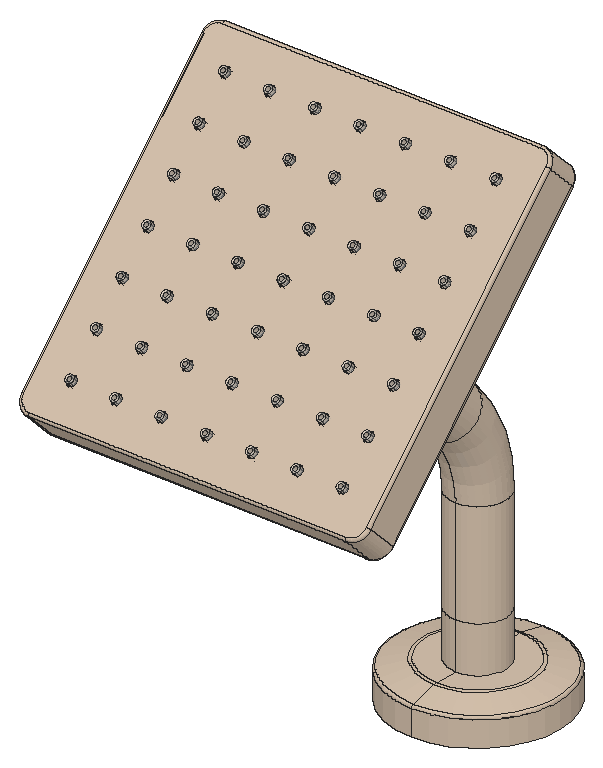
Revit family "Shower-Showerarm-KALLISTA-Guise-P34250_1", category Plumbing Fixtures, host Face, Revit 2021 (continued)
Definition of nested family "P34250"
  Lines and regions (in)
    symbolic lines, detail levels medium+fine
      curve 28: spline (-1.40593, -4.81753, 0) -> (-1.40245, -4.79948, 0) -> (-1.39224, -4.78266, 0) -> (-1.376, -4.76822, 0) -> (-1.35484, -4.75713, 0) -> (-1.33019, -4.75016, 0) -> (-1.30374, -4.74779, 0) -> (-1.2773, -4.75016, 0) -> (-1.25265, -4.75713, 0) -> (-1.23149, -4.76822, 0) -> (-1.21525, -4.78266, 0) -> (-1.20504, -4.79948, 0) -> (-1.20156, -4.81753, 0) -> (-1.20504, -4.83558, 0) -> (-1.21525, -4.8524, 0) -> (-1.23149, -4.86685, 0) -> (-1.25265, -4.87793, 0) -> (-1.2773, -4.8849, 0) -> (-1.30374, -4.88728, 0) -> (-1.33019, -4.8849, 0) -> (-1.35484, -4.87793, 0) -> (-1.376, -4.86685, 0) -> (-1.39224, -4.8524, 0) -> (-1.40245, -4.83558, 0) -> (-1.40593, -4.81753, 0)
      curve 29: spline (-1.35078, -4.81591, 0) -> (-1.34918, -4.82305, 0) -> (-1.34448, -4.8297, 0) -> (-1.337, -4.83541, 0) -> (-1.32726, -4.83979, 0) -> (-1.31592, -4.84254, 0) -> (-1.30374, -4.84348, 0) -> (-1.29157, -4.84254, 0) -> (-1.28023, -4.83979, 0) -> (-1.27048, -4.83541, 0) -> (-1.26301, -4.8297, 0) -> (-1.25831, -4.82305, 0) -> (-1.25671, -4.81591, 0) -> (-1.25831, -4.80877, 0) -> (-1.26301, -4.80212, 0) -> (-1.27048, -4.79641, 0) -> (-1.28023, -4.79203, 0) -> (-1.29157, -4.78928, 0) -> (-1.30374, -4.78834, 0) -> (-1.31592, -4.78928, 0) -> (-1.32726, -4.79203, 0) -> (-1.337, -4.79641, 0) -> (-1.34448, -4.80212, 0) -> (-1.34918, -4.80877, 0) -> (-1.35078, -4.81591, 0)
      curve 30: spline (-0.75632, -2.07531, 0) -> (-0.75284, -2.05726, 0) -> (-0.74263, -2.04044, 0) -> (-0.72639, -2.02599, 0) -> (-0.70523, -2.01491, 0) -> (-0.68058, -2.00794, 0) -> (-0.65414, -2.00556, 0) -> (-0.62769, -2.00794, 0) -> (-0.60305, -2.01491, 0) -> (-0.58188, -2.02599, 0) -> (-0.56564, -2.04044, 0) -> (-0.55544, -2.05726, 0) -> (-0.55195, -2.07531, 0) -> (-0.55544, -2.09336, 0) -> (-0.56564, -2.11018, 0) -> (-0.58188, -2.12463, 0) -> (-0.60305, -2.13571, 0) -> (-0.62769, -2.14268, 0) -> (-0.65414, -2.14505, 0) -> (-0.68058, -2.14268, 0) -> (-0.70523, -2.13571, 0) -> (-0.72639, -2.12463, 0) -> (-0.74263, -2.11018, 0) -> (-0.75284, -2.09336, 0) -> (-0.75632, -2.07531, 0)
      curve 31: spline (-0.70117, -2.07369, 0) -> (-0.69957, -2.08082, 0) -> (-0.69487, -2.08747, 0) -> (-0.6874, -2.09318, 0) -> (-0.67766, -2.09757, 0) -> (-0.66631, -2.10032, 0) -> (-0.65414, -2.10126, 0) -> (-0.64196, -2.10032, 0) -> (-0.63062, -2.09757, 0) -> (-0.62088, -2.09318, 0) -> (-0.6134, -2.08747, 0) -> (-0.6087, -2.08082, 0) -> (-0.6071, -2.07369, 0) -> (-0.6087, -2.06655, 0) -> (-0.6134, -2.0599, 0) -> (-0.62088, -2.05419, 0) -> (-0.63062, -2.04981, 0) -> (-0.64196, -2.04705, 0) -> (-0.65414, -2.04611, 0) -> (-0.66631, -2.04705, 0) -> (-0.67766, -2.04981, 0) -> (-0.6874, -2.05419, 0) -> (-0.69487, -2.0599, 0) -> (-0.69957, -2.06655, 0) -> (-0.70117, -2.07369, 0)
      curve 32: spline (-0.75632, -2.564, 0) -> (-0.75284, -2.54595, 0) -> (-0.74263, -2.52913, 0) -> (-0.72639, -2.51468, 0) -> (-0.70523, -2.5036, 0) -> (-0.68058, -2.49663, 0) -> (-0.65414, -2.49425, 0) -> (-0.62769, -2.49663, 0) -> (-0.60305, -2.5036, 0) -> (-0.58188, -2.51468, 0) -> (-0.56564, -2.52913, 0) -> (-0.55544, -2.54595, 0) -> (-0.55195, -2.564, 0) -> (-0.55544, -2.58205, 0) -> (-0.56564, -2.59887, 0) -> (-0.58188, -2.61332, 0) -> (-0.60305, -2.6244, 0) -> (-0.62769, -2.63137, 0) -> (-0.65414, -2.63374, 0) -> (-0.68058, -2.63137, 0) -> (-0.70523, -2.6244, 0) -> (-0.72639, -2.61332, 0) -> (-0.74263, -2.59887, 0) -> (-0.75284, -2.58205, 0) -> (-0.75632, -2.564, 0)
      curve 33: spline (-0.70117, -2.56238, 0) -> (-0.69957, -2.56951, 0) -> (-0.69487, -2.57616, 0) -> (-0.6874, -2.58187, 0) -> (-0.67766, -2.58626, 0) -> (-0.66631, -2.58901, 0) -> (-0.65414, -2.58995, 0) -> (-0.64196, -2.58901, 0) -> (-0.63062, -2.58626, 0) -> (-0.62088, -2.58187, 0) -> (-0.6134, -2.57616, 0) -> (-0.6087, -2.56951, 0) -> (-0.6071, -2.56238, 0) -> (-0.6087, -2.55524, 0) -> (-0.6134, -2.54859, 0) -> (-0.62088, -2.54288, 0) -> (-0.63062, -2.5385, 0) -> (-0.64196, -2.53574, 0) -> (-0.65414, -2.5348, 0) -> (-0.66631, -2.53574, 0) -> (-0.67766, -2.5385, 0) -> (-0.6874, -2.54288, 0) -> (-0.69487, -2.54859, 0) -> (-0.69957, -2.55524, 0) -> (-0.70117, -2.56238, 0)
      curve 34: spline (-0.75632, -3.00639, 0) -> (-0.75284, -2.98834, 0) -> (-0.74263, -2.97152, 0) -> (-0.72639, -2.95707, 0) -> (-0.70523, -2.94599, 0) -> (-0.68058, -2.93902, 0) -> (-0.65414, -2.93665, 0) -> (-0.62769, -2.93902, 0) -> (-0.60305, -2.94599, 0) -> (-0.58188, -2.95707, 0) -> (-0.56564, -2.97152, 0) -> (-0.55544, -2.98834, 0) -> (-0.55195, -3.00639, 0) -> (-0.55544, -3.02444, 0) -> (-0.56564, -3.04126, 0) -> (-0.58188, -3.05571, 0) -> (-0.60305, -3.06679, 0) -> (-0.62769, -3.07376, 0) -> (-0.65414, -3.07614, 0) -> (-0.68058, -3.07376, 0) -> (-0.70523, -3.06679, 0) -> (-0.72639, -3.05571, 0) -> (-0.74263, -3.04126, 0) -> (-0.75284, -3.02444, 0) -> (-0.75632, -3.00639, 0)
      curve 35: spline (-0.70117, -3.00477, 0) -> (-0.69957, -3.01191, 0) -> (-0.69487, -3.01856, 0) -> (-0.6874, -3.02427, 0) -> (-0.67766, -3.02865, 0) -> (-0.66631, -3.0314, 0) -> (-0.65414, -3.03234, 0) -> (-0.64196, -3.0314, 0) -> (-0.63062, -3.02865, 0) -> (-0.62088, -3.02427, 0) -> (-0.6134, -3.01856, 0) -> (-0.6087, -3.01191, 0) -> (-0.6071, -3.00477, 0) -> (-0.6087, -2.99763, 0) -> (-0.6134, -2.99098, 0) -> (-0.62088, -2.98527, 0) -> (-0.63062, -2.98089, 0) -> (-0.64196, -2.97814, 0) -> (-0.65414, -2.9772, 0) -> (-0.66631, -2.97814, 0) -> (-0.67766, -2.98089, 0) -> (-0.6874, -2.98527, 0) -> (-0.69487, -2.99098, 0) -> (-0.69957, -2.99763, 0) -> (-0.70117, -3.00477, 0)
      curve 36: spline (-0.75632, -3.4671, 0) -> (-0.75284, -3.44905, 0) -> (-0.74263, -3.43223, 0) -> (-0.72639, -3.41779, 0) -> (-0.70523, -3.4067, 0) -> (-0.68058, -3.39973, 0) -> (-0.65414, -3.39736, 0) -> (-0.62769, -3.39973, 0) -> (-0.60305, -3.4067, 0) -> (-0.58188, -3.41779, 0) -> (-0.56564, -3.43223, 0) -> (-0.55544, -3.44905, 0) -> (-0.55195, -3.4671, 0) -> (-0.55544, -3.48515, 0) -> (-0.56564, -3.50197, 0) -> (-0.58188, -3.51642, 0) -> (-0.60305, -3.5275, 0) -> (-0.62769, -3.53447, 0) -> (-0.65414, -3.53685, 0) -> (-0.68058, -3.53447, 0) -> (-0.70523, -3.5275, 0) -> (-0.72639, -3.51642, 0) -> (-0.74263, -3.50197, 0) -> (-0.75284, -3.48515, 0) -> (-0.75632, -3.4671, 0)
      curve 37: spline (-0.70117, -3.46548, 0) -> (-0.69957, -3.47262, 0) -> (-0.69487, -3.47927, 0) -> (-0.6874, -3.48498, 0) -> (-0.67766, -3.48936, 0) -> (-0.66631, -3.49211, 0) -> (-0.65414, -3.49305, 0) -> (-0.64196, -3.49211, 0) -> (-0.63062, -3.48936, 0) -> (-0.62088, -3.48498, 0) -> (-0.6134, -3.47927, 0) -> (-0.6087, -3.47262, 0) -> (-0.6071, -3.46548, 0) -> (-0.6087, -3.45834, 0) -> (-0.6134, -3.45169, 0) -> (-0.62088, -3.44598, 0) -> (-0.63062, -3.4416, 0) -> (-0.64196, -3.43885, 0) -> (-0.65414, -3.43791, 0) -> (-0.66631, -3.43885, 0) -> (-0.67766, -3.4416, 0) -> (-0.6874, -3.44598, 0) -> (-0.69487, -3.45169, 0) -> (-0.69957, -3.45834, 0) -> (-0.70117, -3.46548, 0)
      curve 38: spline (-0.75632, -3.91645, 0) -> (-0.75284, -3.8984, 0) -> (-0.74263, -3.88158, 0) -> (-0.72639, -3.86714, 0) -> (-0.70523, -3.85605, 0) -> (-0.68058, -3.84908, 0) -> (-0.65414, -3.84671, 0) -> (-0.62769, -3.84908, 0) -> (-0.60305, -3.85605, 0) -> (-0.58188, -3.86714, 0) -> (-0.56564, -3.88158, 0) -> (-0.55544, -3.8984, 0) -> (-0.55195, -3.91645, 0) -> (-0.55544, -3.9345, 0) -> (-0.56564, -3.95132, 0) -> (-0.58188, -3.96577, 0) -> (-0.60305, -3.97685, 0) -> (-0.62769, -3.98382, 0) -> (-0.65414, -3.9862, 0) -> (-0.68058, -3.98382, 0) -> (-0.70523, -3.97685, 0) -> (-0.72639, -3.96577, 0) -> (-0.74263, -3.95132, 0) -> (-0.75284, -3.9345, 0) -> (-0.75632, -3.91645, 0)
      curve 39: spline (-0.70117, -3.91483, 0) -> (-0.69957, -3.92197, 0) -> (-0.69487, -3.92862, 0) -> (-0.6874, -3.93433, 0) -> (-0.67766, -3.93871, 0) -> (-0.66631, -3.94146, 0) -> (-0.65414, -3.9424, 0) -> (-0.64196, -3.94146, 0) -> (-0.63062, -3.93871, 0) -> (-0.62088, -3.93433, 0) -> (-0.6134, -3.92862, 0) -> (-0.6087, -3.92197, 0) -> (-0.6071, -3.91483, 0) -> (-0.6087, -3.90769, 0) -> (-0.6134, -3.90104, 0) -> (-0.62088, -3.89533, 0) -> (-0.63062, -3.89095, 0) -> (-0.64196, -3.8882, 0) -> (-0.65414, -3.88726, 0) -> (-0.66631, -3.8882, 0) -> (-0.67766, -3.89095, 0) -> (-0.6874, -3.89533, 0) -> (-0.69487, -3.90104, 0) -> (-0.69957, -3.90769, 0) -> (-0.70117, -3.91483, 0)
      curve 40: spline (-0.75632, -4.3937, 0) -> (-0.75284, -4.37565, 0) -> (-0.74263, -4.35882, 0) -> (-0.72639, -4.34438, 0) -> (-0.70523, -4.3333, 0) -> (-0.68058, -4.32633, 0) -> (-0.65414, -4.32395, 0) -> (-0.62769, -4.32633, 0) -> (-0.60305, -4.3333, 0) -> (-0.58188, -4.34438, 0) -> (-0.56564, -4.35882, 0) -> (-0.55544, -4.37565, 0) -> (-0.55195, -4.3937, 0) -> (-0.55544, -4.41175, 0) -> (-0.56564, -4.42857, 0) -> (-0.58188, -4.44301, 0) -> (-0.60305, -4.4541, 0) -> (-0.62769, -4.46106, 0) -> (-0.65414, -4.46344, 0) -> (-0.68058, -4.46106, 0) -> (-0.70523, -4.4541, 0) -> (-0.72639, -4.44301, 0) -> (-0.74263, -4.42857, 0) -> (-0.75284, -4.41175, 0) -> (-0.75632, -4.3937, 0)
      curve 41: spline (-0.70117, -4.39207, 0) -> (-0.69957, -4.39921, 0) -> (-0.69487, -4.40586, 0) -> (-0.6874, -4.41157, 0) -> (-0.67766, -4.41595, 0) -> (-0.66631, -4.41871, 0) -> (-0.65414, -4.41965, 0) -> (-0.64196, -4.41871, 0) -> (-0.63062, -4.41595, 0) -> (-0.62088, -4.41157, 0) -> (-0.6134, -4.40586, 0) -> (-0.6087, -4.39921, 0) -> (-0.6071, -4.39207, 0) -> (-0.6087, -4.38494, 0) -> (-0.6134, -4.37829, 0) -> (-0.62088, -4.37258, 0) -> (-0.63062, -4.3682, 0) -> (-0.64196, -4.36544, 0) -> (-0.65414, -4.3645, 0) -> (-0.66631, -4.36544, 0) -> (-0.67766, -4.3682, 0) -> (-0.6874, -4.37258, 0) -> (-0.69487, -4.37829, 0) -> (-0.69957, -4.38494, 0) -> (-0.70117, -4.39207, 0)
      curve 42: spline (-0.75632, -4.81753, 0) -> (-0.75284, -4.79948, 0) -> (-0.74263, -4.78266, 0) -> (-0.72639, -4.76822, 0) -> (-0.70523, -4.75713, 0) -> (-0.68058, -4.75016, 0) -> (-0.65414, -4.74779, 0) -> (-0.62769, -4.75016, 0) -> (-0.60305, -4.75713, 0) -> (-0.58188, -4.76822, 0) -> (-0.56564, -4.78266, 0) -> (-0.55544, -4.79948, 0) -> (-0.55195, -4.81753, 0) -> (-0.55544, -4.83558, 0) -> (-0.56564, -4.8524, 0) -> (-0.58188, -4.86685, 0) -> (-0.60305, -4.87793, 0) -> (-0.62769, -4.8849, 0) -> (-0.65414, -4.88728, 0) -> (-0.68058, -4.8849, 0) -> (-0.70523, -4.87793, 0) -> (-0.72639, -4.86685, 0) -> (-0.74263, -4.8524, 0) -> (-0.75284, -4.83558, 0) -> (-0.75632, -4.81753, 0)
      curve 43: spline (-0.70117, -4.81591, 0) -> (-0.69957, -4.82305, 0) -> (-0.69487, -4.8297, 0) -> (-0.6874, -4.83541, 0) -> (-0.67766, -4.83979, 0) -> (-0.66631, -4.84254, 0) -> (-0.65414, -4.84348, 0) -> (-0.64196, -4.84254, 0) -> (-0.63062, -4.83979, 0) -> (-0.62088, -4.83541, 0) -> (-0.6134, -4.8297, 0) -> (-0.6087, -4.82305, 0) -> (-0.6071, -4.81591, 0) -> (-0.6087, -4.80877, 0) -> (-0.6134, -4.80212, 0) -> (-0.62088, -4.79641, 0) -> (-0.63062, -4.79203, 0) -> (-0.64196, -4.78928, 0) -> (-0.65414, -4.78834, 0) -> (-0.66631, -4.78928, 0) -> (-0.67766, -4.79203, 0) -> (-0.6874, -4.79641, 0) -> (-0.69487, -4.80212, 0) -> (-0.69957, -4.80877, 0) -> (-0.70117, -4.81591, 0)
      curve 44: spline (-0.10671, -2.07531, 0) -> (-0.10323, -2.05726, 0) -> (-0.09302, -2.04044, 0) -> (-0.07679, -2.02599, 0) -> (-0.05562, -2.01491, 0) -> (-0.03098, -2.00794, 0) -> (-0.00453, -2.00556, 0) -> (0.02192, -2.00794, 0) -> (0.04656, -2.01491, 0) -> (0.06772, -2.02599, 0) -> (0.08396, -2.04044, 0) -> (0.09417, -2.05726, 0) -> (0.09765, -2.07531, 0) -> (0.09417, -2.09336, 0) -> (0.08396, -2.11018, 0) -> (0.06772, -2.12463, 0) -> (0.04656, -2.13571, 0) -> (0.02192, -2.14268, 0) -> (-0.00453, -2.14505, 0) -> (-0.03098, -2.14268, 0) -> (-0.05562, -2.13571, 0) -> (-0.07679, -2.12463, 0) -> (-0.09302, -2.11018, 0) -> (-0.10323, -2.09336, 0) -> (-0.10671, -2.07531, 0)
      curve 45: spline (-0.05157, -2.07369, 0) -> (-0.04997, -2.08082, 0) -> (-0.04527, -2.08747, 0) -> (-0.03779, -2.09318, 0) -> (-0.02805, -2.09757, 0) -> (-0.01671, -2.10032, 0) -> (-0.00453, -2.10126, 0) -> (0.00764, -2.10032, 0) -> (0.01899, -2.09757, 0) -> (0.02873, -2.09318, 0) -> (0.0362, -2.08747, 0) -> (0.0409, -2.08082, 0) -> (0.04251, -2.07369, 0) -> (0.0409, -2.06655, 0) -> (0.0362, -2.0599, 0) -> (0.02873, -2.05419, 0) -> (0.01899, -2.04981, 0) -> (0.00764, -2.04705, 0) -> (-0.00453, -2.04611, 0) -> (-0.01671, -2.04705, 0) -> (-0.02805, -2.04981, 0) -> (-0.03779, -2.05419, 0) -> (-0.04527, -2.0599, 0) -> (-0.04997, -2.06655, 0) -> (-0.05157, -2.07369, 0)
      curve 46: spline (-0.10671, -2.564, 0) -> (-0.10323, -2.54595, 0) -> (-0.09302, -2.52913, 0) -> (-0.07679, -2.51468, 0) -> (-0.05562, -2.5036, 0) -> (-0.03098, -2.49663, 0) -> (-0.00453, -2.49425, 0) -> (0.02192, -2.49663, 0) -> (0.04656, -2.5036, 0) -> (0.06772, -2.51468, 0) -> (0.08396, -2.52913, 0) -> (0.09417, -2.54595, 0) -> (0.09765, -2.564, 0) -> (0.09417, -2.58205, 0) -> (0.08396, -2.59887, 0) -> (0.06772, -2.61332, 0) -> (0.04656, -2.6244, 0) -> (0.02192, -2.63137, 0) -> (-0.00453, -2.63374, 0) -> (-0.03098, -2.63137, 0) -> (-0.05562, -2.6244, 0) -> (-0.07679, -2.61332, 0) -> (-0.09302, -2.59887, 0) -> (-0.10323, -2.58205, 0) -> (-0.10671, -2.564, 0)
      curve 47: spline (-0.05157, -2.56238, 0) -> (-0.04997, -2.56951, 0) -> (-0.04527, -2.57616, 0) -> (-0.03779, -2.58187, 0) -> (-0.02805, -2.58626, 0) -> (-0.01671, -2.58901, 0) -> (-0.00453, -2.58995, 0) -> (0.00764, -2.58901, 0) -> (0.01899, -2.58626, 0) -> (0.02873, -2.58187, 0) -> (0.0362, -2.57616, 0) -> (0.0409, -2.56951, 0) -> (0.04251, -2.56238, 0) -> (0.0409, -2.55524, 0) -> (0.0362, -2.54859, 0) -> (0.02873, -2.54288, 0) -> (0.01899, -2.5385, 0) -> (0.00764, -2.53574, 0) -> (-0.00453, -2.5348, 0) -> (-0.01671, -2.53574, 0) -> (-0.02805, -2.5385, 0) -> (-0.03779, -2.54288, 0) -> (-0.04527, -2.54859, 0) -> (-0.04997, -2.55524, 0) -> (-0.05157, -2.56238, 0)
      curve 48: spline (-0.10671, -3.00639, 0) -> (-0.10323, -2.98834, 0) -> (-0.09302, -2.97152, 0) -> (-0.07679, -2.95707, 0) -> (-0.05562, -2.94599, 0) -> (-0.03098, -2.93902, 0) -> (-0.00453, -2.93665, 0) -> (0.02192, -2.93902, 0) -> (0.04656, -2.94599, 0) -> (0.06772, -2.95707, 0) -> (0.08396, -2.97152, 0) -> (0.09417, -2.98834, 0) -> (0.09765, -3.00639, 0) -> (0.09417, -3.02444, 0) -> (0.08396, -3.04126, 0) -> (0.06772, -3.05571, 0) -> (0.04656, -3.06679, 0) -> (0.02192, -3.07376, 0) -> (-0.00453, -3.07614, 0) -> (-0.03098, -3.07376, 0) -> (-0.05562, -3.06679, 0) -> (-0.07679, -3.05571, 0) -> (-0.09302, -3.04126, 0) -> (-0.10323, -3.02444, 0) -> (-0.10671, -3.00639, 0)
      curve 49: spline (-0.05157, -3.00477, 0) -> (-0.04997, -3.01191, 0) -> (-0.04527, -3.01856, 0) -> (-0.03779, -3.02427, 0) -> (-0.02805, -3.02865, 0) -> (-0.01671, -3.0314, 0) -> (-0.00453, -3.03234, 0) -> (0.00764, -3.0314, 0) -> (0.01899, -3.02865, 0) -> (0.02873, -3.02427, 0) -> (0.0362, -3.01856, 0) -> (0.0409, -3.01191, 0) -> (0.04251, -3.00477, 0) -> (0.0409, -2.99763, 0) -> (0.0362, -2.99098, 0) -> (0.02873, -2.98527, 0) -> (0.01899, -2.98089, 0) -> (0.00764, -2.97814, 0) -> (-0.00453, -2.9772, 0) -> (-0.01671, -2.97814, 0) -> (-0.02805, -2.98089, 0) -> (-0.03779, -2.98527, 0) -> (-0.04527, -2.99098, 0) -> (-0.04997, -2.99763, 0) -> (-0.05157, -3.00477, 0)
      curve 50: spline (-0.10671, -3.4671, 0) -> (-0.10323, -3.44905, 0) -> (-0.09302, -3.43223, 0) -> (-0.07679, -3.41779, 0) -> (-0.05562, -3.4067, 0) -> (-0.03098, -3.39973, 0) -> (-0.00453, -3.39736, 0) -> (0.02192, -3.39973, 0) -> (0.04656, -3.4067, 0) -> (0.06772, -3.41779, 0) -> (0.08396, -3.43223, 0) -> (0.09417, -3.44905, 0) -> (0.09765, -3.4671, 0) -> (0.09417, -3.48515, 0) -> (0.08396, -3.50197, 0) -> (0.06772, -3.51642, 0) -> (0.04656, -3.5275, 0) -> (0.02192, -3.53447, 0) -> (-0.00453, -3.53685, 0) -> (-0.03098, -3.53447, 0) -> (-0.05562, -3.5275, 0) -> (-0.07679, -3.51642, 0) -> (-0.09302, -3.50197, 0) -> (-0.10323, -3.48515, 0) -> (-0.10671, -3.4671, 0)
      curve 51: spline (-0.05157, -3.46548, 0) -> (-0.04997, -3.47262, 0) -> (-0.04527, -3.47927, 0) -> (-0.03779, -3.48498, 0) -> (-0.02805, -3.48936, 0) -> (-0.01671, -3.49211, 0) -> (-0.00453, -3.49305, 0) -> (0.00764, -3.49211, 0) -> (0.01899, -3.48936, 0) -> (0.02873, -3.48498, 0) -> (0.0362, -3.47927, 0) -> (0.0409, -3.47262, 0) -> (0.04251, -3.46548, 0) -> (0.0409, -3.45834, 0) -> (0.0362, -3.45169, 0) -> (0.02873, -3.44598, 0) -> (0.01899, -3.4416, 0) -> (0.00764, -3.43885, 0) -> (-0.00453, -3.43791, 0) -> (-0.01671, -3.43885, 0) -> (-0.02805, -3.4416, 0) -> (-0.03779, -3.44598, 0) -> (-0.04527, -3.45169, 0) -> (-0.04997, -3.45834, 0) -> (-0.05157, -3.46548, 0)
      curve 52: spline (-0.10671, -3.91645, 0) -> (-0.10323, -3.8984, 0) -> (-0.09302, -3.88158, 0) -> (-0.07679, -3.86714, 0) -> (-0.05562, -3.85605, 0) -> (-0.03098, -3.84908, 0) -> (-0.00453, -3.84671, 0) -> (0.02192, -3.84908, 0) -> (0.04656, -3.85605, 0) -> (0.06772, -3.86714, 0) -> (0.08396, -3.88158, 0) -> (0.09417, -3.8984, 0) -> (0.09765, -3.91645, 0) -> (0.09417, -3.9345, 0) -> (0.08396, -3.95132, 0) -> (0.06772, -3.96577, 0) -> (0.04656, -3.97685, 0) -> (0.02192, -3.98382, 0) -> (-0.00453, -3.9862, 0) -> (-0.03098, -3.98382, 0) -> (-0.05562, -3.97685, 0) -> (-0.07679, -3.96577, 0) -> (-0.09302, -3.95132, 0) -> (-0.10323, -3.9345, 0) -> (-0.10671, -3.91645, 0)
      curve 53: spline (-0.05157, -3.91483, 0) -> (-0.04997, -3.92197, 0) -> (-0.04527, -3.92862, 0) -> (-0.03779, -3.93433, 0) -> (-0.02805, -3.93871, 0) -> (-0.01671, -3.94146, 0) -> (-0.00453, -3.9424, 0) -> (0.00764, -3.94146, 0) -> (0.01899, -3.93871, 0) -> (0.02873, -3.93433, 0) -> (0.0362, -3.92862, 0) -> (0.0409, -3.92197, 0) -> (0.04251, -3.91483, 0) -> (0.0409, -3.90769, 0) -> (0.0362, -3.90104, 0) -> (0.02873, -3.89533, 0) -> (0.01899, -3.89095, 0) -> (0.00764, -3.8882, 0) -> (-0.00453, -3.88726, 0) -> (-0.01671, -3.8882, 0) -> (-0.02805, -3.89095, 0) -> (-0.03779, -3.89533, 0) -> (-0.04527, -3.90104, 0) -> (-0.04997, -3.90769, 0) -> (-0.05157, -3.91483, 0)
      curve 54: spline (-0.10671, -4.3937, 0) -> (-0.10323, -4.37565, 0) -> (-0.09302, -4.35882, 0) -> (-0.07679, -4.34438, 0) -> (-0.05562, -4.3333, 0) -> (-0.03098, -4.32633, 0) -> (-0.00453, -4.32395, 0) -> (0.02192, -4.32633, 0) -> (0.04656, -4.3333, 0) -> (0.06772, -4.34438, 0) -> (0.08396, -4.35882, 0) -> (0.09417, -4.37565, 0) -> (0.09765, -4.3937, 0) -> (0.09417, -4.41175, 0) -> (0.08396, -4.42857, 0) -> (0.06772, -4.44301, 0) -> (0.04656, -4.4541, 0) -> (0.02192, -4.46106, 0) -> (-0.00453, -4.46344, 0) -> (-0.03098, -4.46106, 0) -> (-0.05562, -4.4541, 0) -> (-0.07679, -4.44301, 0) -> (-0.09302, -4.42857, 0) -> (-0.10323, -4.41175, 0) -> (-0.10671, -4.3937, 0)
      curve 55: spline (-0.05157, -4.39207, 0) -> (-0.04997, -4.39921, 0) -> (-0.04527, -4.40586, 0) -> (-0.03779, -4.41157, 0) -> (-0.02805, -4.41595, 0) -> (-0.01671, -4.41871, 0) -> (-0.00453, -4.41965, 0) -> (0.00764, -4.41871, 0) -> (0.01899, -4.41595, 0) -> (0.02873, -4.41157, 0) -> (0.0362, -4.40586, 0) -> (0.0409, -4.39921, 0) -> (0.04251, -4.39207, 0) -> (0.0409, -4.38494, 0) -> (0.0362, -4.37829, 0) -> (0.02873, -4.37258, 0) -> (0.01899, -4.3682, 0) -> (0.00764, -4.36544, 0) -> (-0.00453, -4.3645, 0) -> (-0.01671, -4.36544, 0) -> (-0.02805, -4.3682, 0) -> (-0.03779, -4.37258, 0) -> (-0.04527, -4.37829, 0) -> (-0.04997, -4.38494, 0) -> (-0.05157, -4.39207, 0)
      curve 56: spline (-0.10671, -4.81753, 0) -> (-0.10323, -4.79948, 0) -> (-0.09302, -4.78266, 0) -> (-0.07679, -4.76822, 0) -> (-0.05562, -4.75713, 0) -> (-0.03098, -4.75016, 0) -> (-0.00453, -4.74779, 0) -> (0.02192, -4.75016, 0) -> (0.04656, -4.75713, 0) -> (0.06772, -4.76822, 0) -> (0.08396, -4.78266, 0) -> (0.09417, -4.79948, 0) -> (0.09765, -4.81753, 0) -> (0.09417, -4.83558, 0) -> (0.08396, -4.8524, 0) -> (0.06772, -4.86685, 0) -> (0.04656, -4.87793, 0) -> (0.02192, -4.8849, 0) -> (-0.00453, -4.88728, 0) -> (-0.03098, -4.8849, 0) -> (-0.05562, -4.87793, 0) -> (-0.07679, -4.86685, 0) -> (-0.09302, -4.8524, 0) -> (-0.10323, -4.83558, 0) -> (-0.10671, -4.81753, 0)
      curve 57: spline (-0.05157, -4.81591, 0) -> (-0.04997, -4.82305, 0) -> (-0.04527, -4.8297, 0) -> (-0.03779, -4.83541, 0) -> (-0.02805, -4.83979, 0) -> (-0.01671, -4.84254, 0) -> (-0.00453, -4.84348, 0) -> (0.00764, -4.84254, 0) -> (0.01899, -4.83979, 0) -> (0.02873, -4.83541, 0) -> (0.0362, -4.8297, 0) -> (0.0409, -4.82305, 0) -> (0.04251, -4.81591, 0) -> (0.0409, -4.80877, 0) -> (0.0362, -4.80212, 0) -> (0.02873, -4.79641, 0) -> (0.01899, -4.79203, 0) -> (0.00764, -4.78928, 0) -> (-0.00453, -4.78834, 0) -> (-0.01671, -4.78928, 0) -> (-0.02805, -4.79203, 0) -> (-0.03779, -4.79641, 0) -> (-0.04527, -4.80212, 0) -> (-0.04997, -4.80877, 0) -> (-0.05157, -4.81591, 0)
      curve 58: spline (0.54289, -2.07531, 0) -> (0.54637, -2.05726, 0) -> (0.55658, -2.04044, 0) -> (0.57282, -2.02599, 0) -> (0.59398, -2.01491, 0) -> (0.61863, -2.00794, 0) -> (0.64508, -2.00556, 0) -> (0.67152, -2.00794, 0) -> (0.69617, -2.01491, 0) -> (0.71733, -2.02599, 0) -> (0.73357, -2.04044, 0) -> (0.74378, -2.05726, 0) -> (0.74726, -2.07531, 0) -> (0.74378, -2.09336, 0) -> (0.73357, -2.11018, 0) -> (0.71733, -2.12463, 0) -> (0.69617, -2.13571, 0) -> (0.67152, -2.14268, 0) -> (0.64508, -2.14505, 0) -> (0.61863, -2.14268, 0) -> (0.59398, -2.13571, 0) -> (0.57282, -2.12463, 0) -> (0.55658, -2.11018, 0) -> (0.54637, -2.09336, 0) -> (0.54289, -2.07531, 0)
      curve 59: spline (0.59804, -2.07369, 0) -> (0.59964, -2.08082, 0) -> (0.60434, -2.08747, 0) -> (0.61182, -2.09318, 0) -> (0.62156, -2.09757, 0) -> (0.6329, -2.10032, 0) -> (0.64508, -2.10126, 0) -> (0.65725, -2.10032, 0) -> (0.66859, -2.09757, 0) -> (0.67834, -2.09318, 0) -> (0.68581, -2.08747, 0) -> (0.69051, -2.08082, 0) -> (0.69211, -2.07369, 0) -> (0.69051, -2.06655, 0) -> (0.68581, -2.0599, 0) -> (0.67834, -2.05419, 0) -> (0.66859, -2.04981, 0) -> (0.65725, -2.04705, 0) -> (0.64508, -2.04611, 0) -> (0.6329, -2.04705, 0) -> (0.62156, -2.04981, 0) -> (0.61182, -2.05419, 0) -> (0.60434, -2.0599, 0) -> (0.59964, -2.06655, 0) -> (0.59804, -2.07369, 0)
      curve 60: spline (0.54289, -2.564, 0) -> (0.54637, -2.54595, 0) -> (0.55658, -2.52913, 0) -> (0.57282, -2.51468, 0) -> (0.59398, -2.5036, 0) -> (0.61863, -2.49663, 0) -> (0.64508, -2.49425, 0) -> (0.67152, -2.49663, 0) -> (0.69617, -2.5036, 0) -> (0.71733, -2.51468, 0) -> (0.73357, -2.52913, 0) -> (0.74378, -2.54595, 0) -> (0.74726, -2.564, 0) -> (0.74378, -2.58205, 0) -> (0.73357, -2.59887, 0) -> (0.71733, -2.61332, 0) -> (0.69617, -2.6244, 0) -> (0.67152, -2.63137, 0) -> (0.64508, -2.63374, 0) -> (0.61863, -2.63137, 0) -> (0.59398, -2.6244, 0) -> (0.57282, -2.61332, 0) -> (0.55658, -2.59887, 0) -> (0.54637, -2.58205, 0) -> (0.54289, -2.564, 0)
      curve 61: spline (0.59804, -2.56238, 0) -> (0.59964, -2.56951, 0) -> (0.60434, -2.57616, 0) -> (0.61182, -2.58187, 0) -> (0.62156, -2.58626, 0) -> (0.6329, -2.58901, 0) -> (0.64508, -2.58995, 0) -> (0.65725, -2.58901, 0) -> (0.66859, -2.58626, 0) -> (0.67834, -2.58187, 0) -> (0.68581, -2.57616, 0) -> (0.69051, -2.56951, 0) -> (0.69211, -2.56238, 0) -> (0.69051, -2.55524, 0) -> (0.68581, -2.54859, 0) -> (0.67834, -2.54288, 0) -> (0.66859, -2.5385, 0) -> (0.65725, -2.53574, 0) -> (0.64508, -2.5348, 0) -> (0.6329, -2.53574, 0) -> (0.62156, -2.5385, 0) -> (0.61182, -2.54288, 0) -> (0.60434, -2.54859, 0) -> (0.59964, -2.55524, 0) -> (0.59804, -2.56238, 0)
      curve 62: spline (0.54289, -3.00639, 0) -> (0.54637, -2.98834, 0) -> (0.55658, -2.97152, 0) -> (0.57282, -2.95707, 0) -> (0.59398, -2.94599, 0) -> (0.61863, -2.93902, 0) -> (0.64508, -2.93665, 0) -> (0.67152, -2.93902, 0) -> (0.69617, -2.94599, 0) -> (0.71733, -2.95707, 0) -> (0.73357, -2.97152, 0) -> (0.74378, -2.98834, 0) -> (0.74726, -3.00639, 0) -> (0.74378, -3.02444, 0) -> (0.73357, -3.04126, 0) -> (0.71733, -3.05571, 0) -> (0.69617, -3.06679, 0) -> (0.67152, -3.07376, 0) -> (0.64508, -3.07614, 0) -> (0.61863, -3.07376, 0) -> (0.59398, -3.06679, 0) -> (0.57282, -3.05571, 0) -> (0.55658, -3.04126, 0) -> (0.54637, -3.02444, 0) -> (0.54289, -3.00639, 0)
      curve 63: spline (0.59804, -3.00477, 0) -> (0.59964, -3.01191, 0) -> (0.60434, -3.01856, 0) -> (0.61182, -3.02427, 0) -> (0.62156, -3.02865, 0) -> (0.6329, -3.0314, 0) -> (0.64508, -3.03234, 0) -> (0.65725, -3.0314, 0) -> (0.66859, -3.02865, 0) -> (0.67834, -3.02427, 0) -> (0.68581, -3.01856, 0) -> (0.69051, -3.01191, 0) -> (0.69211, -3.00477, 0) -> (0.69051, -2.99763, 0) -> (0.68581, -2.99098, 0) -> (0.67834, -2.98527, 0) -> (0.66859, -2.98089, 0) -> (0.65725, -2.97814, 0) -> (0.64508, -2.9772, 0) -> (0.6329, -2.97814, 0) -> (0.62156, -2.98089, 0) -> (0.61182, -2.98527, 0) -> (0.60434, -2.99098, 0) -> (0.59964, -2.99763, 0) -> (0.59804, -3.00477, 0)
      curve 64: spline (0.54289, -3.4671, 0) -> (0.54637, -3.44905, 0) -> (0.55658, -3.43223, 0) -> (0.57282, -3.41779, 0) -> (0.59398, -3.4067, 0) -> (0.61863, -3.39973, 0) -> (0.64508, -3.39736, 0) -> (0.67152, -3.39973, 0) -> (0.69617, -3.4067, 0) -> (0.71733, -3.41779, 0) -> (0.73357, -3.43223, 0) -> (0.74378, -3.44905, 0) -> (0.74726, -3.4671, 0) -> (0.74378, -3.48515, 0) -> (0.73357, -3.50197, 0) -> (0.71733, -3.51642, 0) -> (0.69617, -3.5275, 0) -> (0.67152, -3.53447, 0) -> (0.64508, -3.53685, 0) -> (0.61863, -3.53447, 0) -> (0.59398, -3.5275, 0) -> (0.57282, -3.51642, 0) -> (0.55658, -3.50197, 0) -> (0.54637, -3.48515, 0) -> (0.54289, -3.4671, 0)
      curve 65: spline (0.59804, -3.46548, 0) -> (0.59964, -3.47262, 0) -> (0.60434, -3.47927, 0) -> (0.61182, -3.48498, 0) -> (0.62156, -3.48936, 0) -> (0.6329, -3.49211, 0) -> (0.64508, -3.49305, 0) -> (0.65725, -3.49211, 0) -> (0.66859, -3.48936, 0) -> (0.67834, -3.48498, 0) -> (0.68581, -3.47927, 0) -> (0.69051, -3.47262, 0) -> (0.69211, -3.46548, 0) -> (0.69051, -3.45834, 0) -> (0.68581, -3.45169, 0) -> (0.67834, -3.44598, 0) -> (0.66859, -3.4416, 0) -> (0.65725, -3.43885, 0) -> (0.64508, -3.43791, 0) -> (0.6329, -3.43885, 0) -> (0.62156, -3.4416, 0) -> (0.61182, -3.44598, 0) -> (0.60434, -3.45169, 0) -> (0.59964, -3.45834, 0) -> (0.59804, -3.46548, 0)
      curve 66: spline (0.54289, -3.91645, 0) -> (0.54637, -3.8984, 0) -> (0.55658, -3.88158, 0) -> (0.57282, -3.86714, 0) -> (0.59398, -3.85605, 0) -> (0.61863, -3.84908, 0) -> (0.64508, -3.84671, 0) -> (0.67152, -3.84908, 0) -> (0.69617, -3.85605, 0) -> (0.71733, -3.86714, 0) -> (0.73357, -3.88158, 0) -> (0.74378, -3.8984, 0) -> (0.74726, -3.91645, 0) -> (0.74378, -3.9345, 0) -> (0.73357, -3.95132, 0) -> (0.71733, -3.96577, 0) -> (0.69617, -3.97685, 0) -> (0.67152, -3.98382, 0) -> (0.64508, -3.9862, 0) -> (0.61863, -3.98382, 0) -> (0.59398, -3.97685, 0) -> (0.57282, -3.96577, 0) -> (0.55658, -3.95132, 0) -> (0.54637, -3.9345, 0) -> (0.54289, -3.91645, 0)
      curve 67: spline (0.59804, -3.91483, 0) -> (0.59964, -3.92197, 0) -> (0.60434, -3.92862, 0) -> (0.61182, -3.93433, 0) -> (0.62156, -3.93871, 0) -> (0.6329, -3.94146, 0) -> (0.64508, -3.9424, 0) -> (0.65725, -3.94146, 0) -> (0.66859, -3.93871, 0) -> (0.67834, -3.93433, 0) -> (0.68581, -3.92862, 0) -> (0.69051, -3.92197, 0) -> (0.69211, -3.91483, 0) -> (0.69051, -3.90769, 0) -> (0.68581, -3.90104, 0) -> (0.67834, -3.89533, 0) -> (0.66859, -3.89095, 0) -> (0.65725, -3.8882, 0) -> (0.64508, -3.88726, 0) -> (0.6329, -3.8882, 0) -> (0.62156, -3.89095, 0) -> (0.61182, -3.89533, 0) -> (0.60434, -3.90104, 0) -> (0.59964, -3.90769, 0) -> (0.59804, -3.91483, 0)
      curve 68: spline (0.54289, -4.3937, 0) -> (0.54637, -4.37565, 0) -> (0.55658, -4.35882, 0) -> (0.57282, -4.34438, 0) -> (0.59398, -4.3333, 0) -> (0.61863, -4.32633, 0) -> (0.64508, -4.32395, 0) -> (0.67152, -4.32633, 0) -> (0.69617, -4.3333, 0) -> (0.71733, -4.34438, 0) -> (0.73357, -4.35882, 0) -> (0.74378, -4.37565, 0) -> (0.74726, -4.3937, 0) -> (0.74378, -4.41175, 0) -> (0.73357, -4.42857, 0) -> (0.71733, -4.44301, 0) -> (0.69617, -4.4541, 0) -> (0.67152, -4.46106, 0) -> (0.64508, -4.46344, 0) -> (0.61863, -4.46106, 0) -> (0.59398, -4.4541, 0) -> (0.57282, -4.44301, 0) -> (0.55658, -4.42857, 0) -> (0.54637, -4.41175, 0) -> (0.54289, -4.3937, 0)
      curve 69: spline (0.59804, -4.39207, 0) -> (0.59964, -4.39921, 0) -> (0.60434, -4.40586, 0) -> (0.61182, -4.41157, 0) -> (0.62156, -4.41595, 0) -> (0.6329, -4.41871, 0) -> (0.64508, -4.41965, 0) -> (0.65725, -4.41871, 0) -> (0.66859, -4.41595, 0) -> (0.67834, -4.41157, 0) -> (0.68581, -4.40586, 0) -> (0.69051, -4.39921, 0) -> (0.69211, -4.39207, 0) -> (0.69051, -4.38494, 0) -> (0.68581, -4.37829, 0) -> (0.67834, -4.37258, 0) -> (0.66859, -4.3682, 0) -> (0.65725, -4.36544, 0) -> (0.64508, -4.3645, 0) -> (0.6329, -4.36544, 0) -> (0.62156, -4.3682, 0) -> (0.61182, -4.37258, 0) -> (0.60434, -4.37829, 0) -> (0.59964, -4.38494, 0) -> (0.59804, -4.39207, 0)
      curve 70: spline (0.54289, -4.81753, 0) -> (0.54637, -4.79948, 0) -> (0.55658, -4.78266, 0) -> (0.57282, -4.76822, 0) -> (0.59398, -4.75713, 0) -> (0.61863, -4.75016, 0) -> (0.64508, -4.74779, 0) -> (0.67152, -4.75016, 0) -> (0.69617, -4.75713, 0) -> (0.71733, -4.76822, 0) -> (0.73357, -4.78266, 0) -> (0.74378, -4.79948, 0) -> (0.74726, -4.81753, 0) -> (0.74378, -4.83558, 0) -> (0.73357, -4.8524, 0) -> (0.71733, -4.86685, 0) -> (0.69617, -4.87793, 0) -> (0.67152, -4.8849, 0) -> (0.64508, -4.88728, 0) -> (0.61863, -4.8849, 0) -> (0.59398, -4.87793, 0) -> (0.57282, -4.86685, 0) -> (0.55658, -4.8524, 0) -> (0.54637, -4.83558, 0) -> (0.54289, -4.81753, 0)
      curve 71: spline (0.59804, -4.81591, 0) -> (0.59964, -4.82305, 0) -> (0.60434, -4.8297, 0) -> (0.61182, -4.83541, 0) -> (0.62156, -4.83979, 0) -> (0.6329, -4.84254, 0) -> (0.64508, -4.84348, 0) -> (0.65725, -4.84254, 0) -> (0.66859, -4.83979, 0) -> (0.67834, -4.83541, 0) -> (0.68581, -4.8297, 0) -> (0.69051, -4.82305, 0) -> (0.69211, -4.81591, 0) -> (0.69051, -4.80877, 0) -> (0.68581, -4.80212, 0) -> (0.67834, -4.79641, 0) -> (0.66859, -4.79203, 0) -> (0.65725, -4.78928, 0) -> (0.64508, -4.78834, 0) -> (0.6329, -4.78928, 0) -> (0.62156, -4.79203, 0) -> (0.61182, -4.79641, 0) -> (0.60434, -4.80212, 0) -> (0.59964, -4.80877, 0) -> (0.59804, -4.81591, 0)
      curve 72: spline (1.1925, -2.07531, 0) -> (1.19598, -2.05726, 0) -> (1.20619, -2.04044, 0) -> (1.22243, -2.02599, 0) -> (1.24359, -2.01491, 0) -> (1.26823, -2.00794, 0) -> (1.29468, -2.00556, 0) -> (1.32113, -2.00794, 0) -> (1.34577, -2.01491, 0) -> (1.36694, -2.02599, 0) -> (1.38318, -2.04044, 0) -> (1.39338, -2.05726, 0) -> (1.39687, -2.07531, 0) -> (1.39338, -2.09336, 0) -> (1.38318, -2.11018, 0) -> (1.36694, -2.12463, 0) -> (1.34577, -2.13571, 0) -> (1.32113, -2.14268, 0) -> (1.29468, -2.14505, 0) -> (1.26823, -2.14268, 0) -> (1.24359, -2.13571, 0) -> (1.22243, -2.12463, 0) -> (1.20619, -2.11018, 0) -> (1.19598, -2.09336, 0) -> (1.1925, -2.07531, 0)
      curve 73: spline (1.24764, -2.07369, 0) -> (1.24925, -2.08082, 0) -> (1.25395, -2.08747, 0) -> (1.26142, -2.09318, 0) -> (1.27116, -2.09757, 0) -> (1.28251, -2.10032, 0) -> (1.29468, -2.10126, 0) -> (1.30686, -2.10032, 0) -> (1.3182, -2.09757, 0) -> (1.32794, -2.09318, 0) -> (1.33542, -2.08747, 0) -> (1.34012, -2.08082, 0) -> (1.34172, -2.07369, 0) -> (1.34012, -2.06655, 0) -> (1.33542, -2.0599, 0) -> (1.32794, -2.05419, 0) -> (1.3182, -2.04981, 0) -> (1.30686, -2.04705, 0) -> (1.29468, -2.04611, 0) -> (1.28251, -2.04705, 0) -> (1.27116, -2.04981, 0) -> (1.26142, -2.05419, 0) -> (1.25395, -2.0599, 0) -> (1.24925, -2.06655, 0) -> (1.24764, -2.07369, 0)
      curve 74: spline (1.1925, -2.564, 0) -> (1.19598, -2.54595, 0) -> (1.20619, -2.52913, 0) -> (1.22243, -2.51468, 0) -> (1.24359, -2.5036, 0) -> (1.26823, -2.49663, 0) -> (1.29468, -2.49425, 0) -> (1.32113, -2.49663, 0) -> (1.34577, -2.5036, 0) -> (1.36694, -2.51468, 0) -> (1.38318, -2.52913, 0) -> (1.39338, -2.54595, 0) -> (1.39687, -2.564, 0) -> (1.39338, -2.58205, 0) -> (1.38318, -2.59887, 0) -> (1.36694, -2.61332, 0) -> (1.34577, -2.6244, 0) -> (1.32113, -2.63137, 0) -> (1.29468, -2.63374, 0) -> (1.26823, -2.63137, 0) -> (1.24359, -2.6244, 0) -> (1.22243, -2.61332, 0) -> (1.20619, -2.59887, 0) -> (1.19598, -2.58205, 0) -> (1.1925, -2.564, 0)
      curve 75: spline (1.24764, -2.56238, 0) -> (1.24925, -2.56951, 0) -> (1.25395, -2.57616, 0) -> (1.26142, -2.58187, 0) -> (1.27116, -2.58626, 0) -> (1.28251, -2.58901, 0) -> (1.29468, -2.58995, 0) -> (1.30686, -2.58901, 0) -> (1.3182, -2.58626, 0) -> (1.32794, -2.58187, 0) -> (1.33542, -2.57616, 0) -> (1.34012, -2.56951, 0) -> (1.34172, -2.56238, 0) -> (1.34012, -2.55524, 0) -> (1.33542, -2.54859, 0) -> (1.32794, -2.54288, 0) -> (1.3182, -2.5385, 0) -> (1.30686, -2.53574, 0) -> (1.29468, -2.5348, 0) -> (1.28251, -2.53574, 0) -> (1.27116, -2.5385, 0) -> (1.26142, -2.54288, 0) -> (1.25395, -2.54859, 0) -> (1.24925, -2.55524, 0) -> (1.24764, -2.56238, 0)
      curve 76: spline (1.1925, -3.00639, 0) -> (1.19598, -2.98834, 0) -> (1.20619, -2.97152, 0) -> (1.22243, -2.95707, 0) -> (1.24359, -2.94599, 0) -> (1.26823, -2.93902, 0) -> (1.29468, -2.93665, 0) -> (1.32113, -2.93902, 0) -> (1.34577, -2.94599, 0) -> (1.36694, -2.95707, 0) -> (1.38318, -2.97152, 0) -> (1.39338, -2.98834, 0) -> (1.39687, -3.00639, 0) -> (1.39338, -3.02444, 0) -> (1.38318, -3.04126, 0) -> (1.36694, -3.05571, 0) -> (1.34577, -3.06679, 0) -> (1.32113, -3.07376, 0) -> (1.29468, -3.07614, 0) -> (1.26823, -3.07376, 0) -> (1.24359, -3.06679, 0) -> (1.22243, -3.05571, 0) -> (1.20619, -3.04126, 0) -> (1.19598, -3.02444, 0) -> (1.1925, -3.00639, 0)
      curve 77: spline (1.24764, -3.00477, 0) -> (1.24925, -3.01191, 0) -> (1.25395, -3.01856, 0) -> (1.26142, -3.02427, 0) -> (1.27116, -3.02865, 0) -> (1.28251, -3.0314, 0) -> (1.29468, -3.03234, 0) -> (1.30686, -3.0314, 0) -> (1.3182, -3.02865, 0) -> (1.32794, -3.02427, 0) -> (1.33542, -3.01856, 0) -> (1.34012, -3.01191, 0) -> (1.34172, -3.00477, 0) -> (1.34012, -2.99763, 0) -> (1.33542, -2.99098, 0) -> (1.32794, -2.98527, 0) -> (1.3182, -2.98089, 0) -> (1.30686, -2.97814, 0) -> (1.29468, -2.9772, 0) -> (1.28251, -2.97814, 0) -> (1.27116, -2.98089, 0) -> (1.26142, -2.98527, 0) -> (1.25395, -2.99098, 0) -> (1.24925, -2.99763, 0) -> (1.24764, -3.00477, 0)
      curve 78: spline (1.1925, -3.4671, 0) -> (1.19598, -3.44905, 0) -> (1.20619, -3.43223, 0) -> (1.22243, -3.41779, 0) -> (1.24359, -3.4067, 0) -> (1.26823, -3.39973, 0) -> (1.29468, -3.39736, 0) -> (1.32113, -3.39973, 0) -> (1.34577, -3.4067, 0) -> (1.36694, -3.41779, 0) -> (1.38318, -3.43223, 0) -> (1.39338, -3.44905, 0) -> (1.39687, -3.4671, 0) -> (1.39338, -3.48515, 0) -> (1.38318, -3.50197, 0) -> (1.36694, -3.51642, 0) -> (1.34577, -3.5275, 0) -> (1.32113, -3.53447, 0) -> (1.29468, -3.53685, 0) -> (1.26823, -3.53447, 0) -> (1.24359, -3.5275, 0) -> (1.22243, -3.51642, 0) -> (1.20619, -3.50197, 0) -> (1.19598, -3.48515, 0) -> (1.1925, -3.4671, 0)
      curve 79: spline (1.24764, -3.46548, 0) -> (1.24925, -3.47262, 0) -> (1.25395, -3.47927, 0) -> (1.26142, -3.48498, 0) -> (1.27116, -3.48936, 0) -> (1.28251, -3.49211, 0) -> (1.29468, -3.49305, 0) -> (1.30686, -3.49211, 0) -> (1.3182, -3.48936, 0) -> (1.32794, -3.48498, 0) -> (1.33542, -3.47927, 0) -> (1.34012, -3.47262, 0) -> (1.34172, -3.46548, 0) -> (1.34012, -3.45834, 0) -> (1.33542, -3.45169, 0) -> (1.32794, -3.44598, 0) -> (1.3182, -3.4416, 0) -> (1.30686, -3.43885, 0) -> (1.29468, -3.43791, 0) -> (1.28251, -3.43885, 0) -> (1.27116, -3.4416, 0) -> (1.26142, -3.44598, 0) -> (1.25395, -3.45169, 0) -> (1.24925, -3.45834, 0) -> (1.24764, -3.46548, 0)
      curve 80: spline (1.1925, -3.91645, 0) -> (1.19598, -3.8984, 0) -> (1.20619, -3.88158, 0) -> (1.22243, -3.86714, 0) -> (1.24359, -3.85605, 0) -> (1.26823, -3.84908, 0) -> (1.29468, -3.84671, 0) -> (1.32113, -3.84908, 0) -> (1.34577, -3.85605, 0) -> (1.36694, -3.86714, 0) -> (1.38318, -3.88158, 0) -> (1.39338, -3.8984, 0) -> (1.39687, -3.91645, 0) -> (1.39338, -3.9345, 0) -> (1.38318, -3.95132, 0) -> (1.36694, -3.96577, 0) -> (1.34577, -3.97685, 0) -> (1.32113, -3.98382, 0) -> (1.29468, -3.9862, 0) -> (1.26823, -3.98382, 0) -> (1.24359, -3.97685, 0) -> (1.22243, -3.96577, 0) -> (1.20619, -3.95132, 0) -> (1.19598, -3.9345, 0) -> (1.1925, -3.91645, 0)
      curve 81: spline (1.24764, -3.91483, 0) -> (1.24925, -3.92197, 0) -> (1.25395, -3.92862, 0) -> (1.26142, -3.93433, 0) -> (1.27116, -3.93871, 0) -> (1.28251, -3.94146, 0) -> (1.29468, -3.9424, 0) -> (1.30686, -3.94146, 0) -> (1.3182, -3.93871, 0) -> (1.32794, -3.93433, 0) -> (1.33542, -3.92862, 0) -> (1.34012, -3.92197, 0) -> (1.34172, -3.91483, 0) -> (1.34012, -3.90769, 0) -> (1.33542, -3.90104, 0) -> (1.32794, -3.89533, 0) -> (1.3182, -3.89095, 0) -> (1.30686, -3.8882, 0) -> (1.29468, -3.88726, 0) -> (1.28251, -3.8882, 0) -> (1.27116, -3.89095, 0) -> (1.26142, -3.89533, 0) -> (1.25395, -3.90104, 0) -> (1.24925, -3.90769, 0) -> (1.24764, -3.91483, 0)
      curve 82: spline (1.1925, -4.3937, 0) -> (1.19598, -4.37565, 0) -> (1.20619, -4.35882, 0) -> (1.22243, -4.34438, 0) -> (1.24359, -4.3333, 0) -> (1.26823, -4.32633, 0) -> (1.29468, -4.32395, 0) -> (1.32113, -4.32633, 0) -> (1.34577, -4.3333, 0) -> (1.36694, -4.34438, 0) -> (1.38318, -4.35882, 0) -> (1.39338, -4.37565, 0) -> (1.39687, -4.3937, 0) -> (1.39338, -4.41175, 0) -> (1.38318, -4.42857, 0) -> (1.36694, -4.44301, 0) -> (1.34577, -4.4541, 0) -> (1.32113, -4.46106, 0) -> (1.29468, -4.46344, 0) -> (1.26823, -4.46106, 0) -> (1.24359, -4.4541, 0) -> (1.22243, -4.44301, 0) -> (1.20619, -4.42857, 0) -> (1.19598, -4.41175, 0) -> (1.1925, -4.3937, 0)
      curve 83: spline (1.24764, -4.39207, 0) -> (1.24925, -4.39921, 0) -> (1.25395, -4.40586, 0) -> (1.26142, -4.41157, 0) -> (1.27116, -4.41595, 0) -> (1.28251, -4.41871, 0) -> (1.29468, -4.41965, 0) -> (1.30686, -4.41871, 0) -> (1.3182, -4.41595, 0) -> (1.32794, -4.41157, 0) -> (1.33542, -4.40586, 0) -> (1.34012, -4.39921, 0) -> (1.34172, -4.39207, 0) -> (1.34012, -4.38494, 0) -> (1.33542, -4.37829, 0) -> (1.32794, -4.37258, 0) -> (1.3182, -4.3682, 0) -> (1.30686, -4.36544, 0) -> (1.29468, -4.3645, 0) -> (1.28251, -4.36544, 0) -> (1.27116, -4.3682, 0) -> (1.26142, -4.37258, 0) -> (1.25395, -4.37829, 0) -> (1.24925, -4.38494, 0) -> (1.24764, -4.39207, 0)
      curve 84: spline (1.1925, -4.81753, 0) -> (1.19598, -4.79948, 0) -> (1.20619, -4.78266, 0) -> (1.22243, -4.76822, 0) -> (1.24359, -4.75713, 0) -> (1.26823, -4.75016, 0) -> (1.29468, -4.74779, 0) -> (1.32113, -4.75016, 0) -> (1.34577, -4.75713, 0) -> (1.36694, -4.76822, 0) -> (1.38318, -4.78266, 0) -> (1.39338, -4.79948, 0) -> (1.39687, -4.81753, 0) -> (1.39338, -4.83558, 0) -> (1.38318, -4.8524, 0) -> (1.36694, -4.86685, 0) -> (1.34577, -4.87793, 0) -> (1.32113, -4.8849, 0) -> (1.29468, -4.88728, 0) -> (1.26823, -4.8849, 0) -> (1.24359, -4.87793, 0) -> (1.22243, -4.86685, 0) -> (1.20619, -4.8524, 0) -> (1.19598, -4.83558, 0) -> (1.1925, -4.81753, 0)
      curve 85: spline (1.24764, -4.81591, 0) -> (1.24925, -4.82305, 0) -> (1.25395, -4.8297, 0) -> (1.26142, -4.83541, 0) -> (1.27116, -4.83979, 0) -> (1.28251, -4.84254, 0) -> (1.29468, -4.84348, 0) -> (1.30686, -4.84254, 0) -> (1.3182, -4.83979, 0) -> (1.32794, -4.83541, 0) -> (1.33542, -4.8297, 0) -> (1.34012, -4.82305, 0) -> (1.34172, -4.81591, 0) -> (1.34012, -4.80877, 0) -> (1.33542, -4.80212, 0) -> (1.32794, -4.79641, 0) -> (1.3182, -4.79203, 0) -> (1.30686, -4.78928, 0) -> (1.29468, -4.78834, 0) -> (1.28251, -4.78928, 0) -> (1.27116, -4.79203, 0) -> (1.26142, -4.79641, 0) -> (1.25395, -4.80212, 0) -> (1.24925, -4.80877, 0) -> (1.24764, -4.81591, 0)
      curve 86: spline (1.82242, -2.07531, 0) -> (1.8259, -2.05726, 0) -> (1.83611, -2.04044, 0) -> (1.85235, -2.02599, 0) -> (1.87351, -2.01491, 0) -> (1.89816, -2.00794, 0) -> (1.9246, -2.00556, 0) -> (1.95105, -2.00794, 0) -> (1.97569, -2.01491, 0) -> (1.99686, -2.02599, 0) -> (2.0131, -2.04044, 0) -> (2.0233, -2.05726, 0) -> (2.02679, -2.07531, 0) -> (2.0233, -2.09336, 0) -> (2.0131, -2.11018, 0) -> (1.99686, -2.12463, 0) -> (1.97569, -2.13571, 0) -> (1.95105, -2.14268, 0) -> (1.9246, -2.14505, 0) -> (1.89816, -2.14268, 0) -> (1.87351, -2.13571, 0) -> (1.85235, -2.12463, 0) -> (1.83611, -2.11018, 0) -> (1.8259, -2.09336, 0) -> (1.82242, -2.07531, 0)
      curve 87: spline (1.87757, -2.07369, 0) -> (1.87917, -2.08082, 0) -> (1.88387, -2.08747, 0) -> (1.89134, -2.09318, 0) -> (1.90108, -2.09757, 0) -> (1.91243, -2.10032, 0) -> (1.9246, -2.10126, 0) -> (1.93678, -2.10032, 0) -> (1.94812, -2.09757, 0) -> (1.95786, -2.09318, 0) -> (1.96534, -2.08747, 0) -> (1.97004, -2.08082, 0) -> (1.97164, -2.07369, 0) -> (1.97004, -2.06655, 0) -> (1.96534, -2.0599, 0) -> (1.95786, -2.05419, 0) -> (1.94812, -2.04981, 0) -> (1.93678, -2.04705, 0) -> (1.9246, -2.04611, 0) -> (1.91243, -2.04705, 0) -> (1.90108, -2.04981, 0) -> (1.89134, -2.05419, 0) -> (1.88387, -2.0599, 0) -> (1.87917, -2.06655, 0) -> (1.87757, -2.07369, 0)
      curve 88: spline (1.82242, -2.564, 0) -> (1.8259, -2.54595, 0) -> (1.83611, -2.52913, 0) -> (1.85235, -2.51468, 0) -> (1.87351, -2.5036, 0) -> (1.89816, -2.49663, 0) -> (1.9246, -2.49425, 0) -> (1.95105, -2.49663, 0) -> (1.97569, -2.5036, 0) -> (1.99686, -2.51468, 0) -> (2.0131, -2.52913, 0) -> (2.0233, -2.54595, 0) -> (2.02679, -2.564, 0) -> (2.0233, -2.58205, 0) -> (2.0131, -2.59887, 0) -> (1.99686, -2.61332, 0) -> (1.97569, -2.6244, 0) -> (1.95105, -2.63137, 0) -> (1.9246, -2.63374, 0) -> (1.89816, -2.63137, 0) -> (1.87351, -2.6244, 0) -> (1.85235, -2.61332, 0) -> (1.83611, -2.59887, 0) -> (1.8259, -2.58205, 0) -> (1.82242, -2.564, 0)
      curve 89: spline (1.87757, -2.56238, 0) -> (1.87917, -2.56951, 0) -> (1.88387, -2.57616, 0) -> (1.89134, -2.58187, 0) -> (1.90108, -2.58626, 0) -> (1.91243, -2.58901, 0) -> (1.9246, -2.58995, 0) -> (1.93678, -2.58901, 0) -> (1.94812, -2.58626, 0) -> (1.95786, -2.58187, 0) -> (1.96534, -2.57616, 0) -> (1.97004, -2.56951, 0) -> (1.97164, -2.56238, 0) -> (1.97004, -2.55524, 0) -> (1.96534, -2.54859, 0) -> (1.95786, -2.54288, 0) -> (1.94812, -2.5385, 0) -> (1.93678, -2.53574, 0) -> (1.9246, -2.5348, 0) -> (1.91243, -2.53574, 0) -> (1.90108, -2.5385, 0) -> (1.89134, -2.54288, 0) -> (1.88387, -2.54859, 0) -> (1.87917, -2.55524, 0) -> (1.87757, -2.56238, 0)
      curve 90: spline (1.82242, -3.00639, 0) -> (1.8259, -2.98834, 0) -> (1.83611, -2.97152, 0) -> (1.85235, -2.95707, 0) -> (1.87351, -2.94599, 0) -> (1.89816, -2.93902, 0) -> (1.9246, -2.93665, 0) -> (1.95105, -2.93902, 0) -> (1.97569, -2.94599, 0) -> (1.99686, -2.95707, 0) -> (2.0131, -2.97152, 0) -> (2.0233, -2.98834, 0) -> (2.02679, -3.00639, 0) -> (2.0233, -3.02444, 0) -> (2.0131, -3.04126, 0) -> (1.99686, -3.05571, 0) -> (1.97569, -3.06679, 0) -> (1.95105, -3.07376, 0) -> (1.9246, -3.07614, 0) -> (1.89816, -3.07376, 0) -> (1.87351, -3.06679, 0) -> (1.85235, -3.05571, 0) -> (1.83611, -3.04126, 0) -> (1.8259, -3.02444, 0) -> (1.82242, -3.00639, 0)
      curve 91: spline (1.87757, -3.00477, 0) -> (1.87917, -3.01191, 0) -> (1.88387, -3.01856, 0) -> (1.89134, -3.02427, 0) -> (1.90108, -3.02865, 0) -> (1.91243, -3.0314, 0) -> (1.9246, -3.03234, 0) -> (1.93678, -3.0314, 0) -> (1.94812, -3.02865, 0) -> (1.95786, -3.02427, 0) -> (1.96534, -3.01856, 0) -> (1.97004, -3.01191, 0) -> (1.97164, -3.00477, 0) -> (1.97004, -2.99763, 0) -> (1.96534, -2.99098, 0) -> (1.95786, -2.98527, 0) -> (1.94812, -2.98089, 0) -> (1.93678, -2.97814, 0) -> (1.9246, -2.9772, 0) -> (1.91243, -2.97814, 0) -> (1.90108, -2.98089, 0) -> (1.89134, -2.98527, 0) -> (1.88387, -2.99098, 0) -> (1.87917, -2.99763, 0) -> (1.87757, -3.00477, 0)
      curve 92: spline (1.82242, -3.4671, 0) -> (1.8259, -3.44905, 0) -> (1.83611, -3.43223, 0) -> (1.85235, -3.41779, 0) -> (1.87351, -3.4067, 0) -> (1.89816, -3.39973, 0) -> (1.9246, -3.39736, 0) -> (1.95105, -3.39973, 0) -> (1.97569, -3.4067, 0) -> (1.99686, -3.41779, 0) -> (2.0131, -3.43223, 0) -> (2.0233, -3.44905, 0) -> (2.02679, -3.4671, 0) -> (2.0233, -3.48515, 0) -> (2.0131, -3.50197, 0) -> (1.99686, -3.51642, 0) -> (1.97569, -3.5275, 0) -> (1.95105, -3.53447, 0) -> (1.9246, -3.53685, 0) -> (1.89816, -3.53447, 0) -> (1.87351, -3.5275, 0) -> (1.85235, -3.51642, 0) -> (1.83611, -3.50197, 0) -> (1.8259, -3.48515, 0) -> (1.82242, -3.4671, 0)
      curve 93: spline (1.87757, -3.46548, 0) -> (1.87917, -3.47262, 0) -> (1.88387, -3.47927, 0) -> (1.89134, -3.48498, 0) -> (1.90108, -3.48936, 0) -> (1.91243, -3.49211, 0) -> (1.9246, -3.49305, 0) -> (1.93678, -3.49211, 0) -> (1.94812, -3.48936, 0) -> (1.95786, -3.48498, 0) -> (1.96534, -3.47927, 0) -> (1.97004, -3.47262, 0) -> (1.97164, -3.46548, 0) -> (1.97004, -3.45834, 0) -> (1.96534, -3.45169, 0) -> (1.95786, -3.44598, 0) -> (1.94812, -3.4416, 0) -> (1.93678, -3.43885, 0) -> (1.9246, -3.43791, 0) -> (1.91243, -3.43885, 0) -> (1.90108, -3.4416, 0) -> (1.89134, -3.44598, 0) -> (1.88387, -3.45169, 0) -> (1.87917, -3.45834, 0) -> (1.87757, -3.46548, 0)
      curve 94: spline (1.82242, -3.91645, 0) -> (1.8259, -3.8984, 0) -> (1.83611, -3.88158, 0) -> (1.85235, -3.86714, 0) -> (1.87351, -3.85605, 0) -> (1.89816, -3.84908, 0) -> (1.9246, -3.84671, 0) -> (1.95105, -3.84908, 0) -> (1.97569, -3.85605, 0) -> (1.99686, -3.86714, 0) -> (2.0131, -3.88158, 0) -> (2.0233, -3.8984, 0) -> (2.02679, -3.91645, 0) -> (2.0233, -3.9345, 0) -> (2.0131, -3.95132, 0) -> (1.99686, -3.96577, 0) -> (1.97569, -3.97685, 0) -> (1.95105, -3.98382, 0) -> (1.9246, -3.9862, 0) -> (1.89816, -3.98382, 0) -> (1.87351, -3.97685, 0) -> (1.85235, -3.96577, 0) -> (1.83611, -3.95132, 0) -> (1.8259, -3.9345, 0) -> (1.82242, -3.91645, 0)
      curve 95: spline (1.87757, -3.91483, 0) -> (1.87917, -3.92197, 0) -> (1.88387, -3.92862, 0) -> (1.89134, -3.93433, 0) -> (1.90108, -3.93871, 0) -> (1.91243, -3.94146, 0) -> (1.9246, -3.9424, 0) -> (1.93678, -3.94146, 0) -> (1.94812, -3.93871, 0) -> (1.95786, -3.93433, 0) -> (1.96534, -3.92862, 0) -> (1.97004, -3.92197, 0) -> (1.97164, -3.91483, 0) -> (1.97004, -3.90769, 0) -> (1.96534, -3.90104, 0) -> (1.95786, -3.89533, 0) -> (1.94812, -3.89095, 0) -> (1.93678, -3.8882, 0) -> (1.9246, -3.88726, 0) -> (1.91243, -3.8882, 0) -> (1.90108, -3.89095, 0) -> (1.89134, -3.89533, 0) -> (1.88387, -3.90104, 0) -> (1.87917, -3.90769, 0) -> (1.87757, -3.91483, 0)
      curve 96: spline (1.82242, -4.3937, 0) -> (1.8259, -4.37565, 0) -> (1.83611, -4.35882, 0) -> (1.85235, -4.34438, 0) -> (1.87351, -4.3333, 0) -> (1.89816, -4.32633, 0) -> (1.9246, -4.32395, 0) -> (1.95105, -4.32633, 0) -> (1.97569, -4.3333, 0) -> (1.99686, -4.34438, 0) -> (2.0131, -4.35882, 0) -> (2.0233, -4.37565, 0) -> (2.02679, -4.3937, 0) -> (2.0233, -4.41175, 0) -> (2.0131, -4.42857, 0) -> (1.99686, -4.44301, 0) -> (1.97569, -4.4541, 0) -> (1.95105, -4.46106, 0) -> (1.9246, -4.46344, 0) -> (1.89816, -4.46106, 0) -> (1.87351, -4.4541, 0) -> (1.85235, -4.44301, 0) -> (1.83611, -4.42857, 0) -> (1.8259, -4.41175, 0) -> (1.82242, -4.3937, 0)
      curve 97: spline (1.87757, -4.39207, 0) -> (1.87917, -4.39921, 0) -> (1.88387, -4.40586, 0) -> (1.89134, -4.41157, 0) -> (1.90108, -4.41595, 0) -> (1.91243, -4.41871, 0) -> (1.9246, -4.41965, 0) -> (1.93678, -4.41871, 0) -> (1.94812, -4.41595, 0) -> (1.95786, -4.41157, 0) -> (1.96534, -4.40586, 0) -> (1.97004, -4.39921, 0) -> (1.97164, -4.39207, 0) -> (1.97004, -4.38494, 0) -> (1.96534, -4.37829, 0) -> (1.95786, -4.37258, 0) -> (1.94812, -4.3682, 0) -> (1.93678, -4.36544, 0) -> (1.9246, -4.3645, 0) -> (1.91243, -4.36544, 0) -> (1.90108, -4.3682, 0) -> (1.89134, -4.37258, 0) -> (1.88387, -4.37829, 0) -> (1.87917, -4.38494, 0) -> (1.87757, -4.39207, 0)
